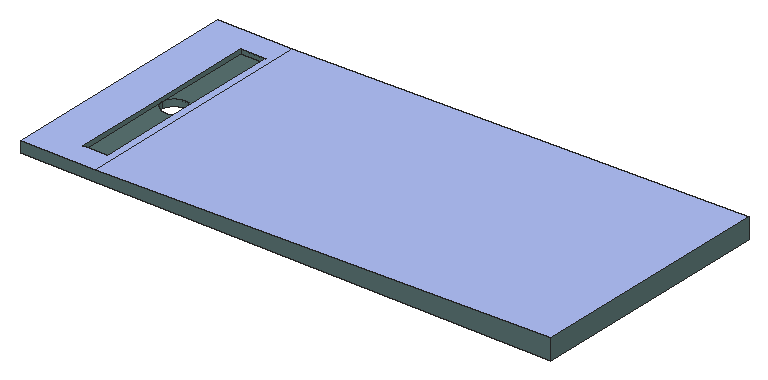
Revit family "ShowerBase_ProBaseII_NobleCompany", category Specialty Equipment, host Face, Revit 2016
Family settings
  Host = Face
  Part Type = Normal
  Round Connector Dimension = Use Diameter
  OmniClass Number = 23.35.50.11.21
  OmniClass Title = Floor Base and Accessories
  Cut with Voids When Loaded = No
  Shared = No
  Room Calculation Point = No
Parameters (values of type "32x60 Offset Drain")
  Width = 64 1/2"
  URL = "www.noblecompany.com"
  Type Comments = ""
  Tile Finish [instance] = Tile as Specified
  Product Properties = "http://www.noblecompany.com/Portals/0/PRODUCT%20INFO/Product%20Descriptions/FreeStyle%20Linear%20Drain%20Product%20Decription%200410.pdf"
  Product Data = "http://www.noblecompany.com/Products/ShowerProducts/tabid/59/Default.aspx"
  Model = "Pro Base II 3260"
  Manufacturer Phone - Toll Free = "800-878-5788"
  Manufacturer Phone = "231-799-8000"
  Manufacturer Fax = "231-799-8850"
  Manufacturer Email = "mailto:sales@noblecompany.com"
  Manufacturer Address = "7300 Enterprise Drive, Spring Lake, MI  49456 USA"
  Manufacturer = "Noble Company"
  Keynote = "09 30 13.A3"
  Hang = 1/8"
  Flush to Wall = no
  Drawn By = "Sumex Design / Robert S. Weygant"
  DrainLoc = 6 3/4"
  Drain Width = 4 1/2"
  Drain Length = 24"
  Drain Hole Diameter = 3"
  Depth = 32"
  Installation-Fabrication = "http://www.noblecompany.com/Portals/0/PRODUCT%20INFO/Product%20Descriptions/FreeStyle%20Linear%20Drain%20Product%20Decription%200410.pdf"
  Height = 2.467"
  Description = "Noble Pro Base II Shower Base Kit"
  Cut_Side B [instance] = 1"
  Cut_Side A [instance] = 1"
  Cut_Head = if((Flush to Wall), 4 1/2", 0")  # 0"
  Cut_End [instance] = 0"
  Copyright = "(c) 2018 ARCAT, Inc."
  Building Codes = "http://www.noblecompany.com/Portals/0/TECHNICAL%20INFO/Listing_Testing_Certification_Reports/PMG-1065%20Noble%20Company%20Linear%20Drain%20final%202.pdf"
  Base = Polypropylene - High Strength
  Assembly Code = "D2030300"
  Default Elevation = 0"
Types (4): name | Model | Flush to Wall | Drain Length | Depth | Cut_Head
  32x60 Flush to Wall | "Pro Base II 3260" | yes | 24" | 32" | 4 1/2"
  32x60 Offset Drain | "Pro Base II 3260" | no | 24" | 32" | 0"
  64x64 Flush to Wall | "Pro Base II 6464" | yes | 60" | 64" | 4 1/2"
  64x64 Offset Drain | "Pro Base II 6464" | no | 60" | 64" | 0"
Reference planes (in)
  plane 1 "Center (Front/Back)": y = 0
  plane 2: z = 0
  plane 3 "Center (Left/Right)": x = 0
  plane 4: x = 32.25
  plane 5: y = 16
  plane 6: z = 2.467
  plane 7: y = 15
  plane 8: x = 32.25
  plane 9 "TO Board": z = 1.25
  plane 10: x = -32.25
  plane 11: x = -32.25
  plane 12: y = -16
  plane 13: y = -15
  plane 14 "Drain CL": x = -25.5
  plane 15: x = -27.75
  plane 16: x = -23.25
  plane 17 "Drain Recess": z = 0.75
  plane 18: y = 12
  plane 19: y = -12
Forms (in)
  Extrusion 1, solid, material "Polypropylene - High Strength" <- "Base"
    sketch origin (0, 0, 0) x (1, 0, 0) y (0, 1, 0)
      loop
        line (-32.25, 16) -> (-32.25, -16) -> (32.25, -16) -> (32.25, 16) -> (-32.25, 16)
      loop
        circle (-25.5, 0) r 1.5
    from 0 to 2.467
  Extrusion 2, void
    sketch origin (0, 0, 0) x (1, 0, 0) y (0, 1, 0)
      loop
        line (-32.25, 15) -> (-32.25, -15) -> (32.25, -15) -> (32.25, 15) -> (-32.25, 15)
      loop
        line (-32.375, 16.125) -> (-32.375, -16.125) -> (32.375, -16.125) -> (32.375, 16.125) -> (-32.375, 16.125)
    from 0 to 2.467
  Extrusion 3, void
    sketch origin (0, 0, 0) x (1, 0, 0) y (0, 0, 1)
      loop
        line (32.25, 2.467) -> (-32.25, 2.467) -> (-32.25, 1.25) -> (-23.25, 1.25) -> (32.25, 2.467)
    from -16 to 16
  Extrusion 4, void
    sketch origin (0, 0, 0.75) x (-1, 0, 0) y (0, -1, 0)
      loop
        line (27, -12) -> (27, 12) -> (24, 12) -> (24, -12) -> (27, -12)
    from 0 to 1.717
Cuts and joins
  Extrusion 2, Extrusion 3, Extrusion 4 cuts Extrusion 1
Dimensions and locks (in)
  "Height": plane 6 to level
  "Width": plane 10 to plane 4
  "Depth": plane 5 to plane 12
  "Cut_Side A": plane 5 to plane 7
  "Cut_End": plane 8 to plane 4
  "Hang": plane 4 to Extrusion 2 sketch curve
  "Hang": Extrusion 2 sketch curve to plane 5
  locked: plane 9 "TO Board" to level at 1.25
  "Cut_Head": plane 10 to plane 11
  "Cut_Side B": plane 13 to plane 12
  "Hang": Extrusion 2 sketch curve to plane 10
  "Hang": plane 12 to Extrusion 2 sketch curve
  equal spacing: plane 10, plane 3 "Center (Left/Right)", plane 4
  equal spacing: plane 5, plane 1 "Center (Front/Back)", plane 12
  "DrainLoc": plane 10 to plane 14 "Drain CL"
  "Drain Width": plane 16 to plane 15
  equal spacing: plane 16, plane 14 "Drain CL", plane 15
  locked: plane 9 "TO Board" to plane 17 "Drain Recess" at 0.5
  equal spacing: plane 18, plane 1 "Center (Front/Back)", plane 19
  "Drain Length": plane 18 to plane 19
  locked: Extrusion 4 sketch curve to Extrusion 4 sketch curve at 3
  locked: plane 15 to Extrusion 4 sketch curve at 0.75
  "Drain Hole Diameter": diameter of Extrusion 1 sketch curve
  aligned and locked: plane 2 to host face
  aligned and locked: level to host face
  aligned and locked: Extrusion 1 sketch curve to plane 5
  aligned and locked: Extrusion 1 sketch curve to plane 4
  aligned and locked: plane 6 to Extrusion 1
  aligned and locked: Extrusion 2 sketch curve to plane 7
  aligned and locked: Extrusion 2 sketch curve to plane 8
  aligned and locked: plane 6 to Extrusion 2
  aligned and locked: plane 10 to Extrusion 1 sketch curve
  aligned and locked: plane 12 to Extrusion 1 sketch curve
  aligned and locked: plane 11 to Extrusion 2 sketch curve
  aligned and locked: plane 13 to Extrusion 2 sketch curve
  aligned and locked: plane 1 "Center (Front/Back)" to Extrusion 1 sketch curve
  aligned and locked: plane 14 "Drain CL" to Extrusion 1 sketch curve
  aligned and locked: plane 10 to Extrusion 3 sketch curve
  aligned and locked: Extrusion 3 sketch curve to plane 6
  aligned and locked: plane 9 "TO Board" to Extrusion 3 sketch curve
  aligned and locked: plane 4 to Extrusion 3 sketch curve
  aligned and locked: Extrusion 1 to Extrusion 3
  aligned and locked: plane 5 to Extrusion 3
  aligned and locked: Extrusion 4 sketch curve to plane 18
  aligned and locked: plane 19 to Extrusion 4 sketch curve
  aligned and locked: plane 6 to Extrusion 4
Automatic sketch dimensions
  host sketch curve to host sketch curve = 86.64016"
  host sketch curve to host sketch curve = 73.80345"
  Extrusion 3 sketch curve to plane 16 = 0"
